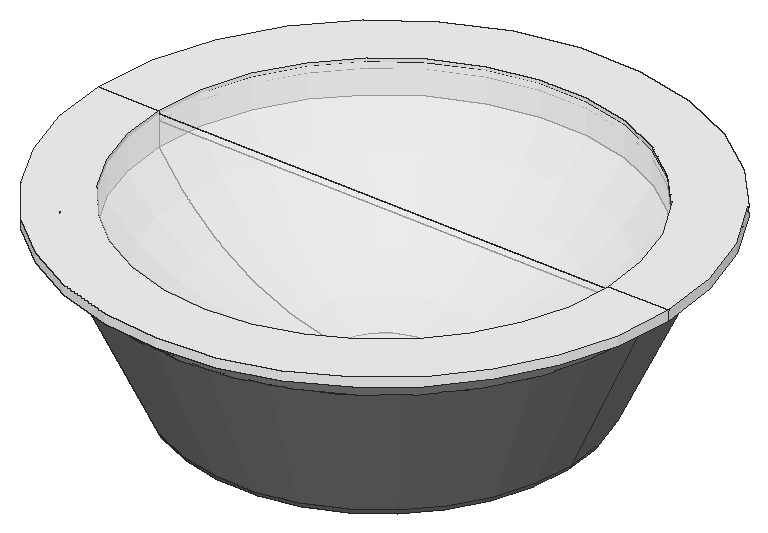
Revit family "0030350", category Lighting Fixtures, host Face, Revit 2016
Family settings
  Host = Face
  Part Type = Normal
  Round Connector Dimension = Use Diameter
  OmniClass Number = 23.80.70.00
  OmniClass Title = Lighting
  Cut with Voids When Loaded = No
  Light Source = Yes
  Shared = No
  Room Calculation Point = No
Parameters (values of type "0030350 Insaver Slim UGR19 IP44 DALI 170 1500lm 830")
  WidthBezel_SYL = if(Size1_SYL, 20 mm, if(Size2_SYL, 20 mm, if(Size3PIR_SYL, 30 mm, if(Size4_SYL, 20 mm, 20 mm))))  # 20 mm
  Weight = "6.72 kg"
  Wattage Comments = ""
  Wattage = 13 W
  WarrantyStartDate [instance] = "n/a"
  WarrantyGuarantorParts = "n/a"
  WarrantyDurationUnit = "n/a"
  WarrantyDurationParts = "n/a"
  WarrantyDescription = "n/a"
  built-in parameter 1150110 = 1 (stored number, unit not read)
  Voltage = 230 V
  VisibilityPIR_SYL = Size3PIR_SYL  # no
  URL = "http://www.sylvania-lighting.com"
  TypeName = "Insaver Slim UGR19 IP44 DALI 170 1500lm 830"
  Type Image = <None>
  Type Comments = "n/a"
  built-in parameter 1114217 = 1 (stored number, unit not read)
  Tilt Angle = -90.00°
  built-in parameter 1150109 = 1 (stored number, unit not read)
  built-in parameter 1150134 = (empty or 0)
  built-in parameter 1150113 = 1 (stored number, unit not read)
  Size4_SYL = no
  Size3PIR_SYL = no
  Size2_SYL = yes
  Size1_SYL = no
  SerialNumber [instance] = "n/a"
  RadiusTop_SYL = 6 mm
  RadiusReflector_SYL = if(Size1_SYL, 85 mm, if(Size2_SYL, 85 mm, if(Size3PIR_SYL, 85 mm, if(Size4_SYL, 100 mm, 120 mm))))  # 85 mm
  Photometric Web File = "0030350.ies"
  Material_3_FEILO = Top-Sylvania-STARTDownlight
  PowerFactor = 0.9
  PowerConsumption = "13 W"
  NominalLength = 195 mm
  NominalHeight = 60 mm
  NominalDepth = 195 mm
  Name = "Insaver Slim UGR19 IP44 DALI 170 1500lm 830"
  ModelReference = Name  # "Insaver Slim UGR19 IP44 DALI 170 1500lm 830"
  ModelNumber = "0030350"
  Model = Name  # "Insaver Slim UGR19 IP44 DALI 170 1500lm 830"
  Material = "aluminium housing, na diffuser"
  ManufacturerName = "Feilo Sylvania"
  Manufacturer = "Feilo Sylvania"
  LuminousEfficacy = "117.8 lm/W"
  built-in parameter 1150105 = 121.91 (stored number, unit not read)
  Lumens = 1532 lm
  LuminaireType = ""
  built-in parameter 1150115 = 1 (stored number, unit not read)
  LightOutputRatio = "n/a"
  built-in parameter 1150137 = (empty or 0)
  built-in parameter 1150139 = (empty or 0)
  LampsType = Lamp  # "LED"
  LampNominalLuminous = "lm"
  LampMacAdamStep = "5"
  LampColourTemperature = "3000 K"
  LampColourRenderingIndex = "80"
  built-in parameter 1150112 = 1 (stored number, unit not read)
  built-in parameter 1150114 = 1 (stored number, unit not read)
  Lamp = "LED"
  Keynote = "16500"
  InstallationDate [instance] = "n/a"
  InputVoltage = "AC 220-240 V"
  InputNominalFrequency = "50/60 Hz"
  built-in parameter 1150132 = (empty or 0)
  built-in parameter 1150102 = (empty or 0)
  built-in parameter 1150107 = 3000 (stored number, unit not read)
  built-in parameter 1150138 = (empty or 0)
  IngressProtection = "IP40/20"
  ImpactProtectionIndex = "IK07"
  built-in parameter 1150106 = 1.2191 (stored number, unit not read)
  IfcExportType = "IfcLightFixtureType"
  IfcExportAs = "IfcLightFixtureType"
  Height_SYL = if(Size1_SYL, 61 mm, if(Size2_SYL, 61 mm, if(Size3PIR_SYL, 61 mm, if(Size4_SYL, 61 mm, 60 mm))))  # 61 mm
  HeightBezel_SYL = if(Size1_SYL, 3 mm, if(Size2_SYL, 3 mm, if(Size3PIR_SYL, 3 mm, if(Size4_SYL, 3.2 mm, 3 mm))))  # 3 mm
  ExpectedLife = 50000
  Emit from Circle Diameter = Diameter_SYL - 40 mm  # 150 mm
  Emit Shape Visible in Rendering = no
  ElectricShockClassification = "Class II"
  built-in parameter 1150104 = 10.948 (stored number, unit not read)
  DurationUnit = "hours"
  DocumentationLiterature = "http://www.sylvania-lighting.com/product/en-int/products/0030350"
  DimmingControlOptions = "DALI dimmable"
  Material_2_FEILO = Diffuser-Sylvania-STARTDownlight
  Dimming Lamp Color Temperature Shift = <None>
  Diameter_SYL = if(Size1_SYL, 165 mm, if(Size2_SYL, 190 mm, if(Size3PIR_SYL, 211 mm, if(Size4_SYL, 220 mm, 240 mm))))  # 190 mm
  DiameterTop_SYL = if(Size1_SYL, 98 mm, if(Size2_SYL, 122 mm, if(Size3PIR_SYL, 120 mm, if(Size4_SYL, 135 mm, 158 mm))))  # 122 mm
  DiameterTopBase_SYL = DiameterRecess_SYL  # 170 mm
  DiameterRecess_SYL = if(Size1_SYL, 150 mm, if(Size2_SYL, 170 mm, if(Size3PIR_SYL, 186 mm, if(Size4_SYL, 200 mm, 225 mm))))  # 170 mm
  Description = ""
  Default Elevation = 1219.2 mm
  CreatedOn = "5/28/2019"
  CreatedBy = "@sylvania-lighting.com"
  Cost = 0
  Color Filter = 16777215
  built-in parameter 1114216 [instance] = (empty or 0)
  ClassificationValue = "EF_70_80"
  ClassificationName = "Uniclass2015"
  Material_1_FEILO = Trim-Sylvania-STARTDownlight-White
  BarCode [instance] = "n/a"
  built-in parameter 1114218 = 1 (stored number, unit not read)
  built-in parameter 1150133 = 10 (stored number, unit not read)
  AssetType = "Fixed"
  AssetIdentifier [instance] = "n/a"
  Assembly Code = "D5020200"
  Apparent Load = 13 VA
  Material_4_FEILO = LED-Sylvania-STARTDownlight
Types (2, lengths in mm): name | Wattage | Photometric Web File | PowerConsumption | LuminousEfficacy | built-in parameter 1150105 | Lumens | LampNominalLuminous | built-in parameter 1150106 | built-in parameter 1150104 | Apparent Load
  0030350 Insaver Slim UGR19 IP44 DALI 170 1500lm 830 | 13 W | "0030350.ies" | "13 W" | "117.8 lm/W" | 121.91 (stored number, unit not read) | 1532 lm | "lm" | 1.2191 (stored number, unit not read) | 10.948 (stored number, unit not read) | 13 VA
  0030350 Insaver Slim UGR19 IP44 DALI 170 1500lm 830 Emergency mode | 16 W | "0030350EM.ies" | "16 W" | "23.82 lm/W" | 245.28 (stored number, unit not read) | 381.12 lm | "380 lm" | 2.4528 (stored number, unit not read) | 2.213 (stored number, unit not read) | 16 VA
Reference planes
  plane 1 "Center (Front/Back)": y = 0
  plane 2: z = 0
  plane 3 "Center (Left/Right)": x = 0
  plane 4: x = 95
  plane 5: x = -95
  plane 6: z = 3
  plane 7: z = -8
  plane 8: z = -58
  plane 9: x = -85
  plane 10: x = 85
  plane 11: x = -61
  plane 12: x = 61
  plane 13: z = -85
  plane 14: x = -75
  plane 15: z = 2
  plane 16: z = -46
  plane 17: x = -16
  plane 18: x = -80
  plane 19: x = -81.5
  plane 20: x = -99.5
  plane 21: x = -89
  plane 22: z = 5.5
  plane 23: z = 8.7
  plane 24: x = -88
  plane 25: z = 13.7
Forms (mm)
  Revolve 1, void
    sketch origin (0, 0, 0) x (1, 0, 0) y (0, 0, 1)
      loop
        line (0, 0) -> (-85, 0) -> (-85, -85) -> (0, -85) -> (0, 0)
      axis (0, 0) -> (0, -85)
    angle from 360 to 0
  Revolve 2, solid, material "Trim-Sylvania-STARTDownlight-White" <- "Material_1_FEILO"
    sketch origin (0, 0, 0) x (1, 0, 0) y (0, 0, 1)
      loop
        line (-75, 3) -> (-95, 3) -> (-95, 0) -> (-85, 0) -> (-85, -8) -> (-62.681, -54.768)
        arc (-62.681, -54.768) -> (-60.471, -57.129) -> (-57.357, -58) r 6
        line (-57.357, -58) -> (0, -58) -> (0, -46) -> (-16, -46)
        arc (-16, -46) -> (-49.605, -33.373) -> (-75, -8) r 85
        line (-75, -8) -> (-75, 3)
      axis (0, 3) -> (0, -58)
    angle from 360 to 0
  Revolve 3, solid, material "Diffuser-Sylvania-STARTDownlight" <- "Material_2_FEILO"
    sketch origin (0, 0, 0) x (1, 0, 0) y (0, 0, 1)
      loop
        line (-75, 0) -> (0, 0) -> (0, 2) -> (-75, 2) -> (-75, 0)
      axis (0, 2) -> (0, 0)
    angle from 360 to 0
  Revolve 4, solid, material "Trim-Sylvania-STARTDownlight-White" <- "Material_1_FEILO", visible <- "VisibilityPIR_SYL"
    sketch origin (0, 0, 0) x (1, 0, 0) y (0, 0, 1)
      loop
        line (-80, 3) -> (-80, 13.7)
        arc (-80, 13.7) -> (-84.717, 12.347) -> (-88, 8.7) r 8.9
        line (-88, 8.7) -> (-88, 5.5) -> (-89, 5.5) -> (-89, 3) -> (-80, 3)
      axis (-80, 13.7) -> (-80, 3)
    angle from 360 to 0
Dimensions and locks
  equal spacing: plane 4, plane 3 "Center (Left/Right)", plane 5
  "Diameter_SYL": plane 4 to plane 5
  equal spacing: plane 10, plane 3 "Center (Left/Right)", plane 9
  equal spacing: plane 12, plane 3 "Center (Left/Right)", plane 11
  "DiameterTop_SYL": plane 12 to plane 11
  "HeightBezel_SYL": plane 6 to plane 2
  "Height_SYL": plane 6 to plane 8
  locked: plane 2 to plane 7 at 8
  locked: plane 2 to plane 13 at 85
  "WidthBezel_SYL": plane 14 to plane 5
  locked: plane 6 to plane 15 at 1
  "DiameterRecess_SYL": plane 10 to plane 9
  locked: plane 3 "Center (Left/Right)" to plane 17 at 16
  locked: plane 16 to plane 8 at 12
  locked: plane 18 to plane 21 at 9
  locked: plane 22 to plane 6 at 2.5
  locked: plane 23 to plane 22 at 3.2
  locked: plane 18 to plane 24 at 8
  locked: plane 25 to plane 23 at 5
  locked: plane 25 to Revolve 4 sketch curve at 8.9
  locked: plane 18 to plane 5 at 15
  "RadiusReflector_SYL": radius of Revolve 2 sketch curve
  "RadiusTop_SYL": radius of Revolve 2 sketch curve
  aligned and locked: plane 2 to host face
  aligned and locked: level to host face
  aligned and locked: Revolve 1 sketch curve to plane 3 "Center (Left/Right)"
  aligned and locked: plane 3 "Center (Left/Right)" to Revolve 1 sketch curve
  aligned and locked: Revolve 1 sketch curve to plane 9
  aligned and locked: plane 13 to Revolve 1 sketch curve
  aligned and locked: plane 3 "Center (Left/Right)" to imposter light
  aligned and locked: imposter light to plane 15
  aligned and locked: imposter light to plane 1 "Center (Front/Back)"
  aligned and locked: Revolve 2 sketch curve to plane 3 "Center (Left/Right)"
  aligned and locked: Revolve 2 sketch curve to plane 6
  aligned and locked: Revolve 2 sketch curve to plane 5
  aligned and locked: Revolve 2 sketch curve to level
  aligned and locked: plane 7 to Revolve 2 sketch curve  (x2)
  aligned and locked: Revolve 2 sketch curve to plane 9
  aligned and locked: plane 8 to Revolve 2 sketch curve
  aligned and locked: Revolve 2 sketch curve to plane 14
  aligned and locked: plane 3 "Center (Left/Right)" to Revolve 2 sketch curve
  aligned and locked: Revolve 2 sketch curve to plane 16
  aligned and locked: Revolve 3 sketch curve to plane 3 "Center (Left/Right)"
  aligned and locked: Revolve 3 sketch curve to level
  aligned and locked: imposter light to Revolve 3 sketch curve  (x2)
  aligned and locked: Revolve 4 sketch curve to plane 18  (x2)
  aligned and locked: Revolve 4 sketch curve to plane 6
  aligned and locked: plane 22 to Revolve 4 sketch curve
  aligned and locked: plane 24 to Revolve 4 sketch curve
  aligned and locked: Revolve 4 sketch curve to Revolve 4 sketch curve
  aligned and locked: plane 21 to Revolve 4 sketch curve
Automatic sketch dimensions
  host sketch curve to host sketch curve = 2438.4 mm  (x2)
  plane 13 to Revolve 1 sketch curve = 524.6 mm
  Revolve 1 sketch curve to plane 6 = 2606.058 mm
  Revolve 1 sketch curve to level = 0 mm
  Revolve 2 sketch curve to plane 17 = 0 mm
  Revolve 2 sketch curve to plane 11 = 1.681 mm
  plane 11 to Revolve 2 sketch curve = 3.643 mm
  plane 13 to Revolve 2 sketch curve = 524.6 mm
  Revolve 2 sketch curve to Revolve 2 sketch curve = 2577.983 mm
  Revolve 3 sketch curve to plane 14 = 0 mm
  plane 13 to Revolve 3 sketch curve = 524.6 mm
  Revolve 3 sketch curve to plane 6 = 2606.058 mm
  Revolve 4 sketch curve to plane 23 = 0 mm
  plane 13 to Revolve 4 sketch curve = 524.6 mm
  Revolve 4 sketch curve to Revolve 4 sketch curve = 2595.358 mm
Connectors
  electrical at (0, 0, 0), driven by "Apparent Load", driven by "PowerFactor", driven by "Voltage"
    settings: index 1, voltage 230 V, apparent load 13 VA, apparent load phase1 0 VA, apparent load phase2 0 VA, apparent load phase3 0 VA, power factor 0.9, load classification "Lighting", number of poles 1, system type 30, power factor state 1, is connector primary yes, connector utility no, sub classification motor no, connector description ""
